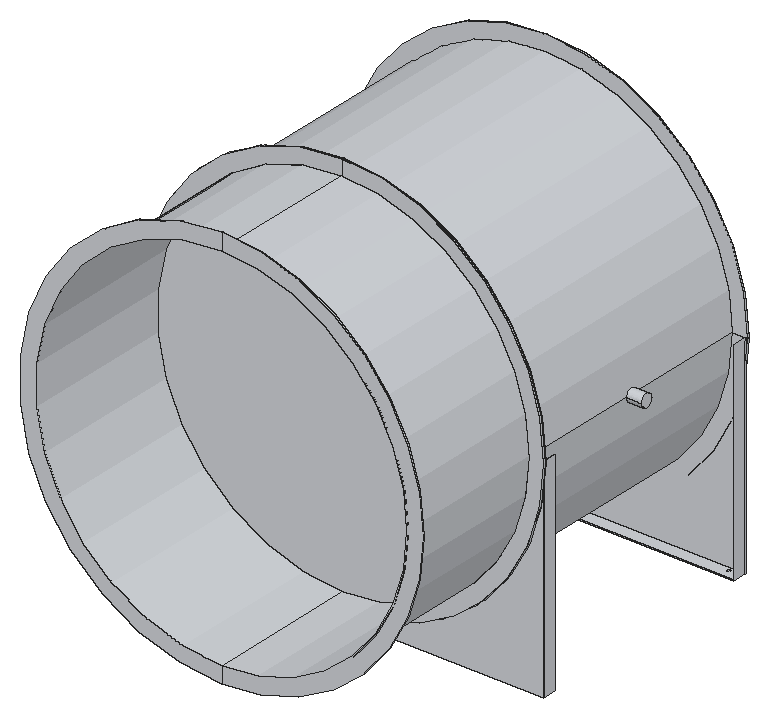
Revit family "AFDV-C_Horizontal_Floor_Mount", category Mechanical Equipment, Revit 2019
Family settings
  Round Connector Dimension = Use Radius
  Part Type = Normal
  Work Plane-Based = No
  Always vertical = Yes
  Cut with Voids When Loaded = No
  Shared = No
  Room Calculation Point = No
Parameters (values of type "60_AFDV-C_HOR_FLOOR")
  VANE = 2' - 1"
  Unit Weight [instance] = ""
  P/2 = P / 2  # 0' - 0 9/32"
  P = 0' - 0 9/16"  # constant formula
  ModelID [instance] = ""
  M = 2' - 7 1/16"
  L/2 = L / 2  # 2' - 9 1/16"
  L = 5' - 6 1/8"
  J = 0' - 1 1/8"
  H/2 = H / 2  # 1' - 7 7/8"
  H = 3' - 3 3/4"
  J-(C/2) = K - (C / 2)  # 0' - 3 1/16"
  K = 2' - 10 7/8"
  Sones [instance] = ""
  Motor RPM [instance] = ""
  Motor Enclosure [instance] = ""
  LwA [instance] = ""
  G = 12' - 0"
  Fan RPM [instance] = ""
  F/2 = F / 2  # 0' - 0 7/32"
  F = 0' - 0 7/16"
  E/2 = E / 2  # 1' - 9"
  E-2" = E - 0' 2"  # 3' - 4"
  E = 3' - 6"
  C/2+J = C / 2 + K  # 5' - 6 11/16"
  C/2 = C / 2  # 2' - 7 13/16"
  C = 5' - 3 5/8"
  B/2 = B / 2  # 2' - 9 3/8"
  B = 5' - 6 3/4"
  Accessories [instance] = ""
  A/3 = A / 2.5  # 2' - 0.55"
  A/2 = A / 2  # 2' - 6 11/16"
  A = 5' - 1 3/8"
  60 = 60.00°  # constant formula
  30 = 30.00°  # constant formula
  3" = 0' - 3"  # constant formula
  Brake Hp [instance] = ""
  4" = 0' - 4"  # constant formula
  2' = 2' - 0"
  2" = 0' - 2"  # constant formula
  1" = 0' - 1"  # constant formula
  0 = 0' - 0"  # constant formula
  Voltage [instance] = 0 V
  URL = "www.lorencook.com"
  Type Comments = "Tube Axial Fan Horizontal Floor Mount Direct Drive Arrangement 4"  # constant formula
  Static Pressure [instance] = 0.00 in-wg
  Power [instance] = Voltage * Motor FLA * sqrt(if(Phase = 3, 3, 1))  # 0 VA
  Phase [instance] = 0
  Number of Poles [instance] = 1
  Motor Hp [instance] = "0"
  Motor FLA [instance] = 0 A
  Model = "AFDV-C"  # constant formula
  Manufacturer = "Loren Cook Company"
  CFM [instance] = 0 CFM
  1.5 = 0' - 1 1/2"  # constant formula
  ONE EIGTH = 0' - 0 1/8"  # constant formula
  -E/2 = -E / 2  # -1' - 9"
  -(E-.25")/2 = -(E - 0' 0 1/4") / 2  # -1' - 8 7/8"
  (E-.25")/2 = (E - 0' 0 1/4") / 2  # 1' - 8 7/8"
  (A+.25")/2 = (A + 0' 0 1/4") / 2  # 2' - 6 13/16"
Types (12): name | VANE | M | L/2 | L | J | H/2 | H | J-(C/2) | K | G | F/2 | F | E/2 | E-2" | E | C/2+J | C/2 | C | B/2 | B | A/3 | A/2 | A | -E/2 | -(E-.25")/2 | (E-.25")/2 | (A+.25")/2
  (no name) | 2' - 1" | 2' - 7 1/16" | 2' - 9 1/16" | 5' - 6 1/8" | 0' - 1 1/8" | 1' - 7 7/8" | 3' - 3 3/4" | 0' - 3 1/16" | 2' - 10 7/8" | 12' - 0" | 0' - 0 7/32" | 0' - 0 7/16" | 1' - 9" | 3' - 4" | 3' - 6" | 5' - 6 11/16" | 2' - 7 13/16" | 5' - 3 5/8" | 2' - 9 3/8" | 5' - 6 3/4" | 2' - 0.55" | 2' - 6 11/16" | 5' - 1 3/8" | -1' - 9" | -1' - 8 7/8" | 1' - 8 7/8" | 2' - 6 13/16"
  12_AFDV-C_HOR_FLOOR | 0' - 6" | 0' - 6" | 0' - 8" | 1' - 4" | 0' - 0 15/16" | 0' - 10 1/16" | 1' - 8 1/8" | 0' - 2 7/16" | 0' - 9 3/4" | 6' - 0" | 0' - 0 5/32" | 0' - 0 5/16" | 0' - 11" | 1' - 8" | 1' - 10" | 1' - 5 1/16" | 0' - 7 5/16" | 1' - 2 5/8" | 0' - 7 27/32" | 1' - 3 11/16" | 0' - 5.15" | 0' - 6 7/16" | 1' - 0 7/8" | -0' - 11" | -0' - 10 7/8" | 0' - 10 7/8" | 0' - 6 9/16"
  16_AFDV-C_HOR_FLOOR | 0' - 10" | 0' - 8" | 0' - 10" | 1' - 8" | 0' - 0 15/16" | 0' - 11 9/16" | 1' - 11 1/8" | 0' - 2 7/16" | 0' - 11 3/4" | 6' - 0" | 0' - 0 5/32" | 0' - 0 5/16" | 1' - 0 1/2" | 1' - 11" | 2' - 1" | 1' - 9 1/16" | 0' - 9 5/16" | 1' - 6 5/8" | 0' - 9 27/32" | 1' - 7 11/16" | 0' - 6 3/4" | 0' - 8 7/16" | 1' - 4 7/8" | -1' - 0 1/2" | -1' - 0 3/8" | 1' - 0 3/8" | 0' - 8 9/16"
  18_AFDV-C_HOR_FLOOR | 0' - 11" | 0' - 9" | 0' - 11" | 1' - 10" | 0' - 0 15/16" | 0' - 11 9/16" | 1' - 11 1/8" | 0' - 2 7/16" | 1' - 0 3/4" | 6' - 0" | 0' - 0 5/32" | 0' - 0 5/16" | 1' - 0 1/2" | 1' - 11" | 2' - 1" | 1' - 11 1/16" | 0' - 10 5/16" | 1' - 8 5/8" | 0' - 10 27/32" | 1' - 9 11/16" | 0' - 7.55" | 0' - 9 7/16" | 1' - 6 7/8" | -1' - 0 1/2" | -1' - 0 3/8" | 1' - 0 3/8" | 0' - 9 9/16"
  24_AFDV-C_HOR_FLOOR | 1' - 1" | 1' - 0 1/4" | 1' - 2 1/4" | 2' - 4 1/2" | 0' - 0 15/16" | 1' - 2 9/16" | 2' - 5 1/8" | 0' - 2 9/16" | 1' - 4" | 6' - 0" | 0' - 0 7/32" | 0' - 0 7/16" | 1' - 3 1/2" | 2' - 5" | 2' - 7" | 2' - 5 7/16" | 1' - 1 7/16" | 2' - 2 7/8" | 1' - 2 9/16" | 2' - 5 1/8" | 0' - 9.95" | 1' - 0 7/16" | 2' - 0 7/8" | -1' - 3 1/2" | -1' - 3 3/8" | 1' - 3 3/8" | 1' - 0 9/16"
  28_AFDV-C_HOR_FLOOR | 1' - 1" | 1' - 2 1/4" | 1' - 4 1/4" | 2' - 8 1/2" | 0' - 0 15/16" | 1' - 2 9/16" | 2' - 5 1/8" | 0' - 2 9/16" | 1' - 6" | 6' - 0" | 0' - 0 7/32" | 0' - 0 7/16" | 1' - 3 1/2" | 2' - 5" | 2' - 7" | 2' - 9 7/16" | 1' - 3 7/16" | 2' - 6 7/8" | 1' - 4 9/16" | 2' - 9 1/8" | 0' - 11.55" | 1' - 2 7/16" | 2' - 4 7/8" | -1' - 3 1/2" | -1' - 3 3/8" | 1' - 3 3/8" | 1' - 2 9/16"
  32_AFDV-C_HOR_FLOOR | 1' - 3" | 1' - 4 5/16" | 1' - 6 5/16" | 3' - 0 5/8" | 0' - 0 15/16" | 1' - 4 1/16" | 2' - 8 1/8" | 0' - 2 5/8" | 1' - 8 1/8" | 6' - 0" | 0' - 0 7/32" | 0' - 0 7/16" | 1' - 5" | 2' - 8" | 2' - 10" | 3' - 1 5/8" | 1' - 5 1/2" | 2' - 11" | 1' - 6 5/8" | 3' - 1 1/4" | 1' - 1.2" | 1' - 4 1/2" | 2' - 9" | -1' - 5" | -1' - 4 7/8" | 1' - 4 7/8" | 1' - 4 5/8"
  36_AFDV-C_HOR_FLOOR | 1' - 4" | 1' - 6 5/16" | 1' - 8 5/16" | 3' - 4 5/8" | 0' - 0 15/16" | 1' - 4 1/16" | 2' - 8 1/8" | 0' - 2 5/8" | 1' - 10 1/8" | 6' - 0" | 0' - 0 7/32" | 0' - 0 7/16" | 1' - 5" | 2' - 8" | 2' - 10" | 3' - 5 5/8" | 1' - 7 1/2" | 3' - 3" | 1' - 8 11/16" | 3' - 5 3/8" | 1' - 2.8" | 1' - 6 1/2" | 3' - 1" | -1' - 5" | -1' - 4 7/8" | 1' - 4 7/8" | 1' - 6 5/8"
  44_AFDV-C_HOR_FLOOR | 1' - 7" | 1' - 10 3/8" | 2' - 0 3/8" | 4' - 0 3/4" | 0' - 1" | 1' - 8" | 3' - 4" | 0' - 2 3/8" | 2' - 2 1/8" | 12' - 0" | 0' - 0 7/32" | 0' - 0 7/16" | 1' - 9" | 3' - 4" | 3' - 6" | 4' - 1 7/8" | 1' - 11 3/4" | 3' - 11 1/2" | 2' - 0 11/16" | 4' - 1 3/8" | 1' - 6" | 1' - 10 1/2" | 3' - 9" | -1' - 9" | -1' - 8 7/8" | 1' - 8 7/8" | 1' - 10 5/8"
  48_AFDV-C_HOR_FLOOR | 1' - 10" | 2' - 0 15/16" | 2' - 2 15/16" | 4' - 5 7/8" | 0' - 1" | 1' - 8" | 3' - 4" | 0' - 2 15/16" | 2' - 4 3/4" | 12' - 0" | 0' - 0 7/32" | 0' - 0 7/16" | 1' - 9" | 3' - 4" | 3' - 6" | 4' - 6 9/16" | 2' - 1 13/16" | 4' - 3 5/8" | 2' - 2 3/4" | 4' - 5 1/2" | 1' - 7.65" | 2' - 0 9/16" | 4' - 1 1/8" | -1' - 9" | -1' - 8 7/8" | 1' - 8 7/8" | 2' - 0 11/16"
  54_AFDV-C_HOR_FLOOR | 1' - 11" | 2' - 4 1/16" | 2' - 6 7/16" | 5' - 0 7/8" | 0' - 1 1/8" | 1' - 7 7/8" | 3' - 3 3/4" | 0' - 3 1/16" | 2' - 7 7/8" | 12' - 0" | 0' - 0 7/32" | 0' - 0 7/16" | 1' - 9" | 3' - 4" | 3' - 6" | 5' - 0 11/16" | 2' - 4 13/16" | 4' - 9 5/8" | 2' - 6 3/8" | 5' - 0 3/4" | 1' - 10.15" | 2' - 3 11/16" | 4' - 7 3/8" | -1' - 9" | -1' - 8 7/8" | 1' - 8 7/8" | 2' - 3 13/16"
  60_AFDV-C_HOR_FLOOR | 2' - 1" | 2' - 7 1/16" | 2' - 9 1/16" | 5' - 6 1/8" | 0' - 1 1/8" | 1' - 7 7/8" | 3' - 3 3/4" | 0' - 3 1/16" | 2' - 10 7/8" | 12' - 0" | 0' - 0 7/32" | 0' - 0 7/16" | 1' - 9" | 3' - 4" | 3' - 6" | 5' - 6 11/16" | 2' - 7 13/16" | 5' - 3 5/8" | 2' - 9 3/8" | 5' - 6 3/4" | 2' - 0.55" | 2' - 6 11/16" | 5' - 1 3/8" | -1' - 9" | -1' - 8 7/8" | 1' - 8 7/8" | 2' - 6 13/16"
Reference planes (in)
  plane 1 "Center (Front/Back)": y = 0
  plane 2: z = 0
  plane 3 "Center (Left/Right)": x = 0.40541
Forms (in)
  Extrusion 1, solid
    sketch origin (0, 0, 0) x (1, 0, 0) y (0, 0, 1)
      loop
        circle (0.40541, 34.875) r 33.375
    from 21 <- "E/2" to -21 <- "-E/2"
  Extrusion 2, void
    sketch origin (0, 0, 0) x (1, 0, 0) y (0, 0, 1)
      loop
        circle (0.40541, 34.875) r 33.375
      loop
        circle (0.40541, 34.875) r 30.8125
    from 20.875 <- "(E-.25")/2" to -20.875 <- "-(E-.25")/2"
  Extrusion 3, solid
    sketch origin (0, -21, 0) x (1, 0, 0) y (0, 0, 1)
      loop
        line (-30.40709, 34.875) -> (-32.65709, 34.875) -> (-32.65709, 0) -> (33.46791, 0) -> (33.46791, 34.875) -> (31.21791, 34.875)
        arc (31.21791, 34.875) -> (0.40541, 4.0625) -> (-30.40709, 34.875) r 30.8125
    from -0.25 to -0.125
  Extrusion 4, solid
    sketch origin (0, 20.875, 0) x (1, 0, 0) y (0, 0, 1)
      loop
        line (-30.40709, 34.875) -> (-32.65709, 34.875) -> (-32.65709, 0) -> (33.46791, 0) -> (33.46791, 34.875) -> (31.21791, 34.875)
        arc (31.21791, 34.875) -> (0.40541, 4.0625) -> (-30.40709, 34.875) r 30.8125
    from 0 to 0.125
  Extrusion 5, solid
    sketch origin (0, 20.875, 0) x (-1, 0, 0) y (0, 0, 1)
      loop
        line (-33.46791, 34.875) -> (-33.46791, 0) -> (32.65709, 0) -> (32.65709, 34.875) -> (32.53209, 34.875) -> (32.53209, 0.125) -> (-33.34291, 0.125) -> (-33.34291, 34.875) -> (-33.46791, 34.875)
    from -0.125 to -2.375
  Extrusion 6, solid
    sketch origin (0, -20.875, 0) x (1, 0, 0) y (0, 0, 1)
      loop
        line (-32.65709, 34.875) -> (-32.65709, 0) -> (33.46791, 0) -> (33.46791, 34.875) -> (33.34291, 34.875) -> (33.34291, 0.125) -> (-32.53209, 0.125) -> (-32.53209, 34.875) -> (-32.65709, 34.875)
    from -0.125 to -2.375
  Extrusion 7, void
    sketch origin (0, 0, 0) x (1, 0, 0) y (0, 1, 0)
      loop
        circle (-30.65709, 19.875) r 0.28125
      loop
        circle (31.46791, 19.875) r 0.28125
      loop
        circle (31.46791, -19.875) r 0.28125
      loop
        circle (-30.65709, -19.875) r 0.28125
    from 0 to 0.125
  Extrusion 8, solid
    sketch origin (0.40541, 0, 0) x (0, 1, 0) y (0, 0, 1)
      loop
        circle (0, 34.875) r 1
    from 0 to 33.375 <- "B/2"
  Revolve 9, solid
    sketch origin (0.40541, 0, 0) x (0, 1, 0) y (0, 0, 1)
      loop
        line (-21, 68.25) -> (-21.125, 68.25) -> (-21.125, 65.6875) -> (-45.875, 65.6875) -> (-45.875, 68.25) -> (-46, 68.25) -> (-46, 65.5625) -> (-21, 65.5625) -> (-21, 68.25)
      axis (-21, 34.875) -> (-46, 34.875)
    angle from 0 to 360
Cuts and joins
  Extrusion 2 cuts Extrusion 1
  Extrusion 7 cuts Extrusion 5
  Extrusion 7 cuts Extrusion 6
Dimensions and locks (in)
  "0": Extrusion 1 sketch curve to plane 3 "Center (Left/Right)"
  "K": Extrusion 1 sketch curve to level
  "0": Extrusion 2 sketch curve to plane 3 "Center (Left/Right)"  (x2)
  "K": Extrusion 2 sketch curve to level  (x2)
  "K": Extrusion 3 sketch curve to level  (x4)
  "0": Extrusion 3 sketch curve to plane 3 "Center (Left/Right)"
  "L/2": Extrusion 3 sketch curve to plane 3 "Center (Left/Right)"  (x2)
  "K": level to Extrusion 4 sketch curve
  "0": Extrusion 4 sketch curve to plane 3 "Center (Left/Right)"
  "0": Extrusion 4 sketch curve to level
  "0": Extrusion 4 sketch curve to Extrusion 3  (x3)
  "0": level to Extrusion 5 sketch curve
  "ONE EIGTH": level to Extrusion 5 sketch curve
  "ONE EIGTH": Extrusion 5 sketch curve to Extrusion 5 sketch curve  (x2)
  "0": Extrusion 5 sketch curve to Extrusion 4
  "0": Extrusion 4 to Extrusion 5 sketch curve  (x2)
  "ONE EIGTH": Extrusion 6 sketch curve to Extrusion 6 sketch curve  (x2)
  "ONE EIGTH": Extrusion 6 sketch curve to level
  "0": Extrusion 6 sketch curve to level
  "0": Extrusion 6 sketch curve to Extrusion 3  (x2)
  "0": Extrusion 3 to Extrusion 6 sketch curve
  "L/2": Extrusion 5 sketch curve to plane 3 "Center (Left/Right)"
  "H/2": plane 1 "Center (Front/Back)" to Extrusion 7 sketch curve  (x4)
  "M": Extrusion 7 sketch curve to plane 3 "Center (Left/Right)"  (x4)
  "0": Extrusion 3 sketch curve to level
  "K": Extrusion 6 sketch curve to level
  "0": Extrusion 8 sketch curve to plane 1 "Center (Front/Back)"
  "K": Extrusion 8 sketch curve to level
  "(A+.25")/2": Revolve 9 sketch curve to Revolve 9 sketch curve
  "B/2": Revolve 9 sketch curve to Revolve 9 sketch curve  (x2)
  "ONE EIGTH": Revolve 9 sketch curve to Revolve 9 sketch curve  (x3)
  "VANE": Revolve 9 sketch curve to Revolve 9 sketch curve
  "0": Revolve 9 sketch curve to cut or joined group of Extrusion 1, Extrusion 2
  "K": Revolve 9 sketch curve to level
  "B/2": radius of Extrusion 1 sketch curve
  "(A+.25")/2": radius of Extrusion 2 sketch curve
  "B/2": radius of Extrusion 2 sketch curve
  "(A+.25")/2": radius of Extrusion 3 sketch curve
  "(A+.25")/2": radius of Extrusion 4 sketch curve
  "P/2": radius of Extrusion 7 sketch curve  (x4)
  "1"": radius of Extrusion 8 sketch curve
Automatic sketch dimensions
  Revolve 9 sketch curve to Revolve 9 sketch curve = 0' - 11.54638"
  Revolve 9 sketch curve to Revolve 9 sketch curve = 1' - 11"
Connectors (in)
  hvac at (0.40541, 21, 34.875), driven by "A/2"
    settings: on cut or joined group of Extrusion 1, Extrusion 2, index 3, duct flow 0 CFM, flow factor 0, pres drop 0.00 in-wg, loss coef 0, conn angle 0.00°, conn width 12", conn height 12", conn diameter 61 3/8", duct sys type 29, conn prof type 0, flow config 0, flow direction 1, loss method 0, conn ref index -1, conn util no, is conn primary yes, conn desc ""
  electrical at (33.78041, 0, 34.875)
    settings: on Extrusion 8, index 4, voltage 0 V, apparent load 0 VA, apparent load phase1 0 VA, apparent load phase2 0 VA, apparent load phase3 0 VA, power factor 1, load classification "Other", number of poles 1, system type 31, power factor state 1, is connector primary yes, connector utility no, sub classification motor no, connector description ""
  hvac at (0.40541, -46, 34.875), driven by "A/2"
    settings: on Revolve 9, index 5, duct flow 0 CFM, flow factor 0, pres drop 0.00 in-wg, loss coef 0, conn angle 0.00°, conn width 12", conn height 12", conn diameter 61 3/8", duct sys type 29, conn prof type 0, flow config 0, flow direction 2, loss method 0, conn ref index -1, conn util no, is conn primary no, conn desc ""
